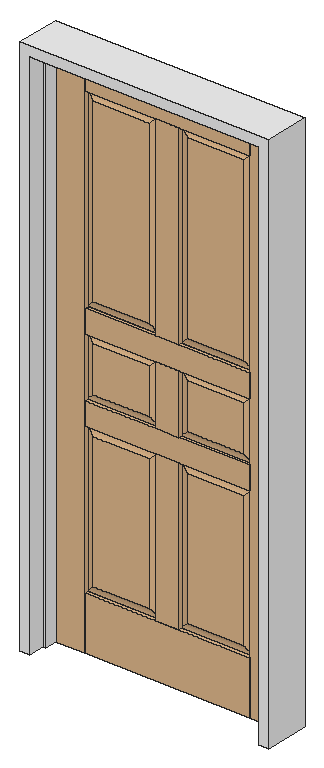
Revit family
Parameters (values of type "1 3/4" Raised Panel")
  URL = "http://www.karonadoor.com"
  Thickness Note = "Do not edit thickness."  # constant formula
  Thickness = 1.774"
  Swing Angle 2D = 90.00°
  SmartBIM Object Version = 1  # constant formula
  SmartBIM Object Created By = "Reed Construction Data"  # constant formula
  Rough Width = 0.000"
  Rough Height = 1.750"
  Panel = Panel_K5600_Karona : 1 3/4" - Raised Panel
  Model = "K5600 Square"  # constant formula
  Manufacturer = "Karona , Inc."  # constant formula
  Detail Door Thickness = 1.750"
  Assembly Code = ""
  Top Rail Height = 5.000"
  Top Rail = Wood, Cherry - Grain Horizontal
  Stile Width = 5.063"
  Stile = Wood, Cherry - Grain Vertical
  Sticking = Wood, Cherry - Grain Vertical
  Middle Rail = Wood, Cherry - Grain Horizontal
  Height = 84.000"
  Wall Closure = (empty or 0)
  Width = 36.000"
  Frame = Metal
  Bottom Rail Height = 8.500"
  Bottom Rail = Wood, Cherry - Grain Horizontal
  95 CSI = "08210"  # constant formula
  04 CSI = "08 14 33"  # constant formula
Types (9): name | Thickness | Rough Height | Panel | Detail Door Thickness
  1 3/4" Flat Panel | 1.774" | 1.750" | Panel_K5600_Karona : 1 3/4" - Flat Panel | 1.750"
  1 3/8" Flat Panel | 1.334" | 0.000" | Panel_K5600_Karona : 1 3/8" - Flat Panel | 1.375"
  2 1/4" Flat Panel | 2.250" | 0.000" | Panel_K5600_Karona : 2 1/4" - Flat Panel | 2.250"
  1 3/4" Glass Panel | 1.774" | 1.750" | Panel_K5600_Karona : 1 3/4" - Glass Panel | 1.750"
  1 3/8" Glass Panel | 1.334" | 0.000" | Panel_K5600_Karona : 1 3/8" - Glass Panel | 1.375"
  2 1/4" Glass Panel | 2.250" | 0.000" | Panel_K5600_Karona : 2 1/4" - Glass | 2.250"
  1 3/4" Raised Panel | 1.774" | 1.750" | Panel_K5600_Karona : 1 3/4" - Raised Panel | 1.750"
  1 3/8" Raised Panel | 1.334" | 0.000" | Panel_K5600_Karona : 1 3/8" - Raised Panel | 1.375"
  2 1/4" Raised Panel | 2.250" | 0.000" | Panel_K5600_Karona : 2 1/4" - Raised Panel | 2.250"
Reference planes (in)
  plane 1 "Center (Front/Back)": y = 0
  plane 2 "Center (Left/Right)": x = 0
  plane 3 "Left": x = -18
  plane 4 "Right": x = 18
  plane 5 "Top": z = 84
  plane 6 "Exterior Edge of Frame": y = 3.5
  plane 7 "Interior Edge of Frame": y = -3.5
  plane 8: y = 1
  plane 9: y = -1
  plane 10 "Opening Left": x = -19.5
  plane 11 "Opening Right": x = 19.5
  plane 12 "Top of Opening": z = 85.5
  plane 13: x = -17.5
Forms (in)
  Sweep 1, solid, material "Metal" <- "Frame"
    path origin (0, 0, 0) x (1, 0, 0) y (0, 0, 1)
      loop
        line (-19.5, 0) -> (-19.5, 85.5) -> (19.5, 85.5) -> (19.5, 0)
    profile origin (-19.5, 0, 42.75) x (-1, 0, 0) y (0, -1, 0)
      loop
        line (0, -3.5) -> (0, 3.5) -> (-1.5, 3.5) -> (-1.5, 1) -> (-2, 1) -> (-2, -1) -> (-1.5, -1) -> (-1.5, -3.5) -> (0, -3.5)
Lines and regions (in)
  Opening 1
    outline origin (-90, -3, 0) x (1, 0, 0) y (0, 0, 1)
      loop
        line (70.5, 0) -> (109.5, 0) -> (109.5, 85.5) -> (70.5, 85.5) -> (70.5, 0)
  symbolic lines, style "Elevation Swing"
    curve 1: line (18, 3, 0) -> (-18, 3, 42)
    curve 2: line (-18, 3, 42) -> (18, 3, 84)
Text (in)
  text "Exterior" at (-46.13199, 20.20143, 0), in view "Ref. Level"
  text "Interior" at (-46.13199, -10.56751, 0), in view "Ref. Level"
  text "Exterior" at (0, 40.15149, 123.01588), in view "Right"
  text "Interior" at (0, -64.39139, 123.01588), in view "Right"
  text "Interior" at (0, -31.01599, 123.00693), in view "Left"
  text "Exterior" at (0, 54.57065, 123.00693), in view "Left"
Dimensions and locks (in)
  "Height": level to plane 5 "Top"
  "Width": plane 3 "Left" to plane 4 "Right"
  equal spacing: host wall, curve 2, plane 5 "Top"
  locked: host wall to plane 7 "Interior Edge of Frame" at 0.5
  locked: plane 6 "Exterior Edge of Frame" to host wall at 0.5
  locked: plane 9 to plane 7 "Interior Edge of Frame" at 2.5
  locked: plane 6 "Exterior Edge of Frame" to plane 8 at 2.5
  equal spacing: plane 3 "Left", plane 2 "Center (Left/Right)", plane 4 "Right"
  locked: plane 4 "Right" to plane 11 "Opening Right" at 1.5
  locked: plane 5 "Top" to plane 12 "Top of Opening" at 1.5
  locked: plane 3 "Left" to plane 13 at 0.5
  locked: plane 10 "Opening Left" to plane 3 "Left" at 1.5
  aligned and locked: Opening 1 sketch curve to level
  aligned and locked: plane 4 "Right" to curve 1
  aligned and locked: plane 3 "Left" to curve 1
  aligned and locked: plane 5 "Top" to curve 2
  aligned and locked: Opening 1 sketch curve to plane 11 "Opening Right"
  aligned and locked: plane 12 "Top of Opening" to Opening 1 sketch curve
  aligned and locked: Opening 1 sketch curve to plane 10 "Opening Left"
  aligned and locked: plane 10 "Opening Left" to Sweep 1 sketch curve
  aligned and locked: plane 12 "Top of Opening" to Sweep 1 sketch curve
  aligned and locked: plane 11 "Opening Right" to Sweep 1 sketch curve
  aligned and locked: level to Sweep 1 sketch curve  (x2)
  aligned and locked: Sweep 1 sketch curve to plane 10 "Opening Left"
  aligned and locked: Sweep 1 sketch curve to plane 6 "Exterior Edge of Frame"
  aligned and locked: Sweep 1 sketch curve to plane 7 "Interior Edge of Frame"
  aligned and locked: Sweep 1 sketch curve to plane 8
  aligned and locked: Sweep 1 sketch curve to plane 9
  aligned and locked: plane 13 to Sweep 1 sketch curve
  aligned and locked: plane 3 "Left" to Sweep 1 sketch curve  (x2)
  aligned and locked: nested 1 to plane 2 "Center (Left/Right)"
  aligned and locked: nested 1 to plane 8
  aligned and locked: nested 2 to plane 3 "Left"
  aligned and locked: nested 2 to plane 8
Automatic sketch dimensions
  curve 1 to level = 0.000"
  curve 2 to plane 4 "Right" = 0.000"
Nested families (in)
  nested 1: "Panel_K5600_Karona" at (-13.5, 0.6575, 0) x (-1, 0, 0) z (0, 0, 1), type <- "Panel", type "1 3/4" - Raised Panel"
    with Panel Height 30.500", Height 84.000", Bottom Rail Height 8.500", Bottom Panel Height 23.375"
  nested 2: "Door Panel Plan View" at (-31.5, 1, 0) x (-1, 0, 0) z (0, 0, 1), type "Door Panel Plan View"
    with Thickness 1.750", Height 84.000"
Definition of nested family "Panel_K5600_Karona"
  Parameters (values of type "1 3/4" - Raised Panel")
    Width = 36.000"
    Top Rail Material = Wood, Cherry - Grain Horizontal
    Top Rail Height = 5.000"
    Top Panel Offset = 16.542"
    Thickness Note = "Do not change door thickness"  # constant formula
    Thickness = 1.774"
    Stile Width = 5.063"
    Stile Material = Wood, Cherry - Grain Vertical
    Sticking Material = Wood, Cherry - Grain Vertical
    Panel Width = (Width - ((2 * Stile Width) + Mullion Width)) / 2  # 11.1245"
    Panel Height = Height - (Top Rail Height + Mullion Width + Middle Panel Height + Bottom Height)  # 46.500"
    Panel = Glass-Sticking-Assembly-Square_Karona : Raised Panel
    Mullion Width = 3.625"  # constant formula
    Middle Panel Width = Width - (2 * Stile Width)  # 25.874"
    Middle Panel Height = 9.375"  # constant formula
    Interior Panel = Wood, Cherry - Grain Vertical
    Height = 100.000"
    Exterior Edge - Glass Bottom Offset = if(Thickness = 1.774", 0.567", if(Thickness = 2.250", 0.803", 0.469"))  # 0.567"
    Door Panel Material = Wood, Cherry - Grain Vertical
    Default Elevation = 0.000"  # constant formula
    Bottom Rail Material = Wood, Cherry - Grain Horizontal
    Bottom Rail Height = 15.000"
    Bottom Panel Height = Bottom Height - (Mullion Width + Bottom Rail Height)  # 16.875"
    Bottom Height = 35.500"
    Assembly Code = ""
  Types (9): name | Top Panel Offset | Thickness | Panel Height | Panel | Interior Panel | Height | Exterior Edge - Glass Bottom Offset | Bottom Rail Height | Bottom Panel Height
    2 1/4" - Flat Panel | 14.875" | 2.250" | 30.500" | Glass-Sticking-Assembly-Square_Karona : Flat Panel | Wood, Cherry - Grain Vertical | 84.000" | 0.803" | 8.500" | 23.375"
    2 1/4" - Glass | 14.875" | 2.250" | 30.500" | Glass-Sticking-Assembly-Square_Karona : Glass Panel | Glass | 84.000" | 0.803" | 8.500" | 23.375"
    2 1/4" - Raised Panel | 14.875" | 2.250" | 30.500" | Glass-Sticking-Assembly-Square_Karona : Raised Panel | Wood, Cherry - Grain Vertical | 84.000" | 0.803" | 8.500" | 23.375"
    1 3/4" - Raised Panel | 16.542" | 1.774" | 46.500" | Glass-Sticking-Assembly-Square_Karona : Raised Panel | Wood, Cherry - Grain Vertical | 100.000" | 0.567" | 15.000" | 16.875"
    1 3/4" - Flat Panel | 14.875" | 1.774" | 30.500" | Glass-Sticking-Assembly-Square_Karona : Flat Panel | Wood, Cherry - Grain Vertical | 84.000" | 0.567" | 8.500" | 23.375"
    1 3/4" - Glass Panel | 14.875" | 1.774" | 30.500" | Glass-Sticking-Assembly-Square_Karona : Glass Panel | Glass | 84.000" | 0.567" | 8.500" | 23.375"
    1 3/8" - Raised Panel | 14.875" | 1.334" | 30.500" | Glass-Sticking-Assembly-Square_Karona : Raised Panel | Wood, Cherry - Grain Vertical | 84.000" | 0.469" | 8.500" | 23.375"
    1 3/8" - Glass Panel | 14.875" | 1.334" | 30.500" | Glass-Sticking-Assembly-Square_Karona : Glass Panel | Glass | 84.000" | 0.469" | 8.500" | 23.375"
    1 3/8" - Flat Panel | 14.875" | 1.334" | 30.500" | Glass-Sticking-Assembly-Square_Karona : Flat Panel | Wood, Cherry - Grain Vertical | 84.000" | 0.469" | 8.500" | 23.375"
  Reference planes (in)
    plane 1 "Center (Front/Back)": y = 1.2295
    plane 2: z = 0
    plane 3 "Center (Left/Right)": x = -13.5
    plane 4 "Left": x = -31.5
    plane 5: x = 4.5
    plane 6 "Inner Left": x = -26.437
    plane 7 "Inner Right": x = -0.563
    plane 8 "Bottom Of Top Rail": z = 95
    plane 9 "Top": z = 100
    plane 10 "Interior Edge of Door": y = 2.1165
    plane 11: z = 95
    plane 12 "Exterior Edge of Door": y = 0.3425
    plane 13 "Bottom of Glass": y = 0.9095
    plane 14 "Left Panel Vertical Midline": x = -13.5
    plane 15: z = 48.5
    plane 16: z = 44.875
    plane 17: z = 35.5
    plane 18: z = 31.875
    plane 19: z = 15
    plane 20: z = 71.75
    plane 21: z = 23.4375
    plane 22: z = 40.1875
    plane 23: x = -20.87475
    plane 24: x = -6.12525
    plane 25: x = -15.3125
    plane 26: x = -11.6875
  Forms (in)
    Extrusion 1, solid, material "Wood, Cherry - Grain Horizontal" <- "Bottom Rail Material"
      sketch origin (0, -101.3125, 0) x (1, 0, 0) y (0, 0, 1)
        loop
          line (-26.437, 0) -> (-0.563, 0) -> (-0.563, 15) -> (-26.437, 15) -> (-26.437, 0)
      from -103.429 to -101.655
    Extrusion 2, solid, material "Wood, Cherry - Grain Vertical" <- "Stile Material"
      sketch origin (0, 1.2295, 0) x (1, 0, 0) y (0, 0, 1)
        loop
          line (-31.5, 100) -> (-31.5, 0) -> (-26.437, 0) -> (-26.437, 100) -> (-31.5, 100)
        loop
          line (-0.563, 0) -> (4.5, 0) -> (4.5, 100) -> (-0.563, 100) -> (-0.563, 0)
      from -0.887 to 0.887
    Extrusion 3, solid, material "Wood, Cherry - Grain Horizontal" <- "Top Rail Material"
      sketch origin (0, 1.2295, 0) x (1, 0, 0) y (0, 0, 1)
        loop
          line (-26.437, 100) -> (-26.437, 95) -> (-0.563, 95) -> (-0.563, 100) -> (-26.437, 100)
      from -0.887 to 0.887
    Extrusion 4, solid, material "Wood, Cherry - Grain Horizontal" <- "Top Rail Material"
      sketch origin (0, 1.2295, 0) x (1, 0, 0) y (0, 0, 1)
        loop
          line (-26.437, 31.875) -> (-0.563, 31.875) -> (-0.563, 35.5) -> (-26.437, 35.5) -> (-26.437, 31.875)
        loop
          line (-26.437, 48.5) -> (-26.437, 44.875) -> (-0.563, 44.875) -> (-0.563, 48.5) -> (-26.437, 48.5)
      from -0.887 to 0.887
    Extrusion 5, solid, material "Wood, Cherry - Grain Vertical" <- "Door Panel Material"
      sketch origin (0, 1.2295, 0) x (1, 0, 0) y (0, 0, 1)
        loop
          line (-15.3125, 95) -> (-15.3125, 48.5) -> (-11.6875, 48.5) -> (-11.6875, 95) -> (-15.3125, 95)
        loop
          line (-15.3125, 31.875) -> (-15.3125, 15) -> (-11.6875, 15) -> (-11.6875, 31.875) -> (-15.3125, 31.875)
        loop
          line (-15.3125, 35.5) -> (-11.6875, 35.5) -> (-11.6875, 44.875) -> (-15.3125, 44.875) -> (-15.3125, 35.5)
      from -0.887 to 0.887
  Text (in)
    text "EXTERIOR" at (-34.59289, -1.27941, 0), in view "Ref. Level"
    text "EXTERIOR" at (0, -9.65287, 72.76687), in view "Left"
    text "EXTERIOR" at (0, -33.33473, 96.68074), in view "Right"
  Dimensions and locks (in)
    equal spacing: plane 4 "Left", plane 3 "Center (Left/Right)", plane 5
    "Width": plane 4 "Left" to plane 5
    "Stile Width": plane 4 "Left" to plane 6 "Inner Left"
    "Stile Width": plane 5 to plane 7 "Inner Right"
    "Top Rail Height": plane 9 "Top" to plane 8 "Bottom Of Top Rail"
    "Height": plane 9 "Top" to plane 2
    equal spacing: plane 10 "Interior Edge of Door", plane 1 "Center (Front/Back)", plane 12 "Exterior Edge of Door"
    "Thickness": plane 10 "Interior Edge of Door" to plane 12 "Exterior Edge of Door"
    "Exterior Edge - Glass Bottom Offset": plane 13 "Bottom of Glass" to plane 12 "Exterior Edge of Door"
    "Exterior Edge - Glass Bottom Offset": plane 12 "Exterior Edge of Door" to plane 13 "Bottom of Glass"
    "Mullion Width": plane 15 to plane 16
    "Bottom Rail Height": plane 19 to level
    "Panel Height": plane 11 to plane 15
    equal spacing: plane 11, plane 20, plane 15
    equal spacing: plane 18, plane 21, plane 19
    "Mullion Width": plane 17 to plane 18
    equal spacing: plane 16, plane 22, plane 17
    "Mullion Width": plane 26 to plane 25
    equal spacing: plane 25, plane 23, plane 6 "Inner Left"
    equal spacing: plane 26, plane 24, plane 7 "Inner Right"
    equal spacing: plane 26, plane 3 "Center (Left/Right)", plane 25
    "Bottom Height": plane 17 to level
    aligned and locked: Extrusion 1 to plane 2
    aligned and locked: plane 10 "Interior Edge of Door" to Extrusion 1
    aligned and locked: plane 4 "Left" to Extrusion 2 sketch curve
    aligned and locked: Extrusion 2 sketch curve to plane 9 "Top"
    aligned and locked: Extrusion 2 sketch curve to Extrusion 1  (x3)
    aligned and locked: Extrusion 1 to Extrusion 2 sketch curve
    aligned and locked: plane 9 "Top" to Extrusion 2 sketch curve
    aligned and locked: plane 5 to Extrusion 2 sketch curve
    aligned and locked: plane 10 "Interior Edge of Door" to Extrusion 2
    aligned and locked: Extrusion 2 to Extrusion 3 sketch curve
    aligned and locked: Extrusion 3 sketch curve to Extrusion 2
    aligned and locked: plane 10 "Interior Edge of Door" to Extrusion 3
    aligned and locked: plane 11 to plane 8 "Bottom Of Top Rail"
    aligned and locked: level to plane 2
    aligned and locked: Extrusion 3 to plane 12 "Exterior Edge of Door"
    aligned and locked: Extrusion 3 to plane 10 "Interior Edge of Door"
    aligned and locked: Extrusion 2 to plane 12 "Exterior Edge of Door"
    aligned and locked: Extrusion 3 to plane 11
    aligned and locked: Extrusion 1 to Extrusion 2
    aligned and locked: nested 1 to plane 1 "Center (Front/Back)"
    aligned and locked: plane 20 to nested 2
    aligned and locked: Extrusion 4 sketch curve to plane 18
    aligned and locked: Extrusion 4 sketch curve to plane 6 "Inner Left"  (x2)
    aligned and locked: Extrusion 4 sketch curve to plane 7 "Inner Right"  (x2)
    aligned and locked: Extrusion 4 sketch curve to plane 17
    aligned and locked: Extrusion 4 sketch curve to plane 15
    aligned and locked: Extrusion 4 sketch curve to plane 16
    aligned and locked: plane 10 "Interior Edge of Door" to Extrusion 4
    aligned and locked: Extrusion 4 to plane 12 "Exterior Edge of Door"
    aligned and locked: plane 23 to nested 2
    aligned and locked: plane 23 to nested 1
    aligned and locked: nested 5 to plane 20
    aligned and locked: nested 4 to plane 21
    aligned and locked: plane 24 to nested 5
    aligned and locked: plane 24 to nested 4
    aligned and locked: plane 1 "Center (Front/Back)" to nested 4
    aligned and locked: plane 1 "Center (Front/Back)" to nested 5
    aligned and locked: Extrusion 5 sketch curve to plane 25  (x3)
    aligned and locked: Extrusion 5 sketch curve to plane 26
    aligned and locked: Extrusion 5 sketch curve to plane 15
    aligned and locked: Extrusion 5 sketch curve to plane 11
    aligned and locked: Extrusion 5 sketch curve to plane 18
    aligned and locked: Extrusion 5 sketch curve to plane 19
    aligned and locked: plane 26 to Extrusion 5 sketch curve  (x2)
    aligned and locked: plane 10 "Interior Edge of Door" to Extrusion 5
    aligned and locked: Extrusion 5 to plane 12 "Exterior Edge of Door"
    aligned and locked: plane 23 to nested 3
    aligned and locked: nested 6 to plane 22
    aligned and locked: plane 24 to nested 6
    aligned and locked: plane 1 "Center (Front/Back)" to nested 6
    aligned and locked: Extrusion 5 sketch curve to plane 17
    aligned and locked: Extrusion 5 sketch curve to plane 16
    aligned and locked: plane 22 to nested 3
    aligned and locked: plane 21 to nested 1
  Automatic sketch dimensions
    Extrusion 1 sketch curve to plane 6 "Inner Left" = 0.000"
    Extrusion 1 sketch curve to plane 7 "Inner Right" = 0.000"
    Extrusion 1 sketch curve to level = 0.000"
    Extrusion 1 sketch curve to plane 19 = 0.000"
    Extrusion 3 sketch curve to plane 7 "Inner Right" = 0.000"
    Extrusion 3 sketch curve to plane 8 "Bottom Of Top Rail" = 0.000"
  Nested families (in)
    nested 1: "Glass-Sticking-Assembly-Square_Karona" at (-21.3435, 1.38, 15), Width <- "Panel Width", Height <- "Bottom Panel Height", type <- "Panel", type "Raised Panel"
      with Width 11.1245", Height 16.875"
    nested 2: "Glass-Sticking-Assembly-Square_Karona" at (-21.3435, 1.382, 48.5), Width <- "Panel Width", Height <- "Panel Height", type <- "Panel", type "Raised Panel"
      with Width 11.1245", Height 46.500"
    nested 3: "Glass-Sticking-Assembly-Square_Karona" at (-21.3435, 1.38, 35.5), Width <- "Panel Width", Height <- "Middle Panel Height", type <- "Panel", type "Raised Panel"
      with Width 11.1245", Height 9.375"
    nested 4: "Glass-Sticking-Assembly-Square_Karona" at (-5.6565, 1.38, 15) x (-1, 0, 0) z (0, 0, 1), Width <- "Panel Width", Height <- "Bottom Panel Height", type <- "Panel", type "Raised Panel"
      with Width 11.1245", Height 16.875"
    nested 5: "Glass-Sticking-Assembly-Square_Karona" at (-5.6565, 1.38, 48.5) x (-1, 0, 0) z (0, 0, 1), Width <- "Panel Width", Height <- "Panel Height", type <- "Panel", type "Raised Panel"
      with Width 11.1245", Height 46.500"
    nested 6: "Glass-Sticking-Assembly-Square_Karona" at (-5.6565, 1.38, 35.5) x (-1, 0, 0) z (0, 0, 1), Width <- "Panel Width", Height <- "Middle Panel Height", type <- "Panel", type "Raised Panel"
      with Width 11.1245", Height 9.375"
  Definition of nested family "Glass-Sticking-Assembly-Square_Karona"
    Parameters (values of type "Glass Panel")
      Width [instance] = 19.000"
      Stop Adjustment = if(and(not(Glass Panel), Door Thickness = 1.774"), 0.513", if(and(not(Glass Panel), Door Thickness = 2.250"), 0.513", if((Glass Panel), 0.125", 0.273")))  # 0.125"
      Profile = Wood, Cherry - Grain Vertical
      Height [instance] = 23.000"
      Raised Panel = no
      Interior Panel = Wood, Cherry - Grain Vertical
      Glass Panel = yes
      Door Thickness = 1.774"
      C = if(Glass Panel, 0.125", if(Door Thickness = 1.774", 0.200", if(Door Thickness = 2.250", 0.439", 0.191")))  # 0.125"
      B = if(Door Thickness = 1.774", 0.567", if(Door Thickness = 2.250", 0.803", 0.469"))  # 0.567"
      Assembly Code = ""
      A = if(Door Thickness = 1.774", 0.197", if(Door Thickness = 2.250", 0.433", 0.194"))  # 0.197"
    Types (3): name | Width | Stop Adjustment | Raised Panel | Glass Panel | C
      Glass Panel | 19.000" | 0.125" | no | yes | 0.125"
      Flat Panel | 4.500" | 0.513" | no | no | 0.200"
      Raised Panel | 4.000" | 0.513" | yes | no | 0.200"
    Reference planes (in)
      plane 1 "Stop Adjustment Edge": y = -0.3455
      plane 2: z = 0
      plane 3 "Center (Left/Right)": x = 0.46875
      plane 4 "Back": y = 0.7365
      plane 5 "Front": y = -1.0375
      plane 6 "Left": x = -9.03125
      plane 7 "Right": x = 9.96875
      plane 8 "Top": z = 23
      plane 9 "Center (Up/Down)": z = 11.5
      plane 10 "Bottom of Stop": y = -0.2205
      plane 11 "Bottom of Glass": y = -0.4705
      plane 12 "Right Edge of Glass": x = 10.35675
      plane 13 "Left Edge of Glass": x = -9.41925
      plane 14 "Top Edge of Glass": z = 23.34425
      plane 15 "Bottom Edge of Glass": z = -0.34425
      plane 16 "A": y = -0.8405
      plane 17 "C": y = 0.6115
      plane 18: z = 0.438
      plane 19: z = 22.562
      plane 20: x = -8.59325
      plane 21: x = 9.53075
      plane 22 "Center (Front/Back)": y = -0.1505
      plane 23: x = -9.46925
      plane 24: x = 10.40675
      plane 25: z = 23.438
      plane 26: z = -0.438
    Forms (in)
      Extrusion 1, solid, material "Wood, Cherry - Grain Vertical" <- "Interior Panel"
        sketch origin (0, 0, 0) x (1, 0, 0) y (0, 1, 0)
          loop
            line (-9.41925, -0.2205) -> (-9.41925, -0.4705) -> (10.35675, -0.4705) -> (10.35675, -0.2205) -> (-9.41925, -0.2205)
        from -0.34425 to 23.34425
      Extrusion 2, solid, material "Wood, Cherry - Grain Vertical" <- "Profile", visible <- "Raised Panel"
        sketch origin (0, 0, 0) x (1, 0, 0) y (0, 1, 0)
          loop
            line (9.96875, 0.6115) -> (-9.03125, 0.6115) -> (-9.03125, -0.2205) -> (9.96875, -0.2205) -> (9.96875, 0.6115)
          loop
            line (-9.03125, -0.4705) -> (-9.03125, -0.8405) -> (9.96875, -0.8405) -> (9.96875, -0.4705) -> (-9.03125, -0.4705)
        from 0 to 23
      Sweep 3, void
        path origin (0, -0.2205, 0) x (-1, 0, 0) y (0, 0, 1)
          loop
            line (9.46925, -0.438) -> (9.46925, 23.438) -> (-10.40675, 23.438) -> (-10.40675, -0.438) -> (9.46925, -0.438)
        profile "Profile : 05" origin (-9.46925, -0.2205, 11.5) x (1, 0, 0) y (0, 1, 0)
          loop
            line (0, 0.05) -> (0.36169, 0.05096)
            arc (0.36169, 0.05096) -> (1.01257, 0.13642) -> (1.61934, 0.387) r 2.52143
            line (1.61934, 0.387) -> (0, 0.387) -> (0, 0.05)
      Sweep 4, void
        path origin (0, -0.4705, 0) x (-1, 0, 0) y (0, 0, 1)
          loop
            line (-10.40675, 23.438) -> (-10.40675, -0.438) -> (9.46925, -0.438) -> (9.46925, 23.438) -> (-10.40675, 23.438)
        profile "Profile : 05" origin (10.40675, -0.4705, 11.5) x (-1, 0, 0) y (0, 1, 0)
          loop
            line (0, -0.05) -> (0, -0.387) -> (1.61934, -0.387)
            arc (1.61934, -0.387) -> (1.01257, -0.13642) -> (0.36169, -0.05096) r 2.52143
            line (0.36169, -0.05096) -> (0, -0.05)
    Cuts and joins
      Sweep 3, Sweep 4 cuts Extrusion 2
    Text (in)
      text "INTERIOR" at (-14.3788, 3.49864, 0), in view "Ref. Level"
    Dimensions and locks (in)
      equal spacing: plane 6 "Left", plane 3 "Center (Left/Right)", plane 7 "Right"
      "Width": plane 6 "Left" to plane 7 "Right"
      "Door Thickness": plane 4 "Back" to plane 5 "Front"
      "Height": plane 8 "Top" to plane 2
      equal spacing: plane 8 "Top", plane 9 "Center (Up/Down)", level
      locked: plane 1 "Stop Adjustment Edge" to plane 11 "Bottom of Glass" at 0.125
      "Stop Adjustment": plane 10 "Bottom of Stop" to plane 1 "Stop Adjustment Edge"
      locked: plane 7 "Right" to plane 12 "Right Edge of Glass" at 0.388
      locked: plane 14 "Top Edge of Glass" to plane 8 "Top" at 0.34425
      locked: level to plane 15 "Bottom Edge of Glass" at 0.34425
      locked: plane 13 "Left Edge of Glass" to plane 6 "Left" at 0.388
      "B": plane 5 "Front" to plane 11 "Bottom of Glass"
      "A": plane 5 "Front" to plane 16 "A"
      "C": plane 17 "C" to plane 4 "Back"
      locked: plane 18 to level at 0.438
      locked: plane 8 "Top" to plane 19 at 0.438
      locked: plane 6 "Left" to plane 20 at 0.438
      locked: plane 21 to plane 7 "Right" at 0.438
      equal spacing: plane 4 "Back", plane 22 "Center (Front/Back)", plane 5 "Front"
      locked: plane 23 to plane 13 "Left Edge of Glass" at 0.05
      locked: plane 12 "Right Edge of Glass" to plane 24 at 0.05
      locked: plane 25 to plane 14 "Top Edge of Glass" at 0.09375
      locked: plane 15 "Bottom Edge of Glass" to plane 26 at 0.09375
      aligned and locked: Extrusion 1 sketch curve to plane 13 "Left Edge of Glass"
      aligned and locked: Extrusion 1 sketch curve to plane 10 "Bottom of Stop"
      aligned and locked: Extrusion 1 sketch curve to plane 11 "Bottom of Glass"
      aligned and locked: Extrusion 1 sketch curve to plane 12 "Right Edge of Glass"
      aligned and locked: plane 14 "Top Edge of Glass" to Extrusion 1
      aligned and locked: Extrusion 1 to plane 15 "Bottom Edge of Glass"
      aligned and locked: Extrusion 2 sketch curve to plane 17 "C"
      aligned and locked: Extrusion 2 sketch curve to plane 10 "Bottom of Stop"
      aligned and locked: Extrusion 2 sketch curve to plane 11 "Bottom of Glass"
      aligned and locked: Extrusion 2 sketch curve to plane 16 "A"
      aligned and locked: plane 25 to Sweep 4 sketch curve
      aligned and locked: Sweep 4 sketch curve to plane 23
      aligned and locked: plane 24 to Sweep 4 sketch curve
      aligned and locked: Sweep 4 sketch curve to plane 26
      aligned and locked: plane 25 to Sweep 3 sketch curve
      aligned and locked: plane 24 to Sweep 3 sketch curve
      aligned and locked: Sweep 3 sketch curve to plane 23
      aligned and locked: Sweep 3 sketch curve to plane 26
      aligned and locked: plane 6 "Left" to Extrusion 2 sketch curve  (x2)
      aligned and locked: plane 7 "Right" to Extrusion 2 sketch curve  (x2)
      aligned and locked: plane 8 "Top" to Extrusion 2
      aligned and locked: Extrusion 2 to level
Definition of nested family "Door Panel Plan View"
  Parameters (values of type "Door Panel Plan View")
    Width = 36.000"
    Thickness = 2.000"
    Swing Angle 2D = 90.00°
    Height = 0.000"
    Assembly Code = ""
  Reference planes (in)
    plane 1 "Center (Front/Back)": y = 0
    plane 2: z = 0
    plane 3 "Center (Left/Right)": x = -13.5
  Lines and regions (in)
    symbolic lines, style "DoorsPanelProjection"
      curve 1: line (-13.5, 0, 0) -> (-13.5, 36, 0)
      curve 2: line (-15.5, 0, 0) -> (-15.5, 36, 0)
      curve 3: line (-13.5, 0, 0) -> (-15.5, 0, 0)
      curve 4: line (-13.5, 36, 0) -> (-15.5, 36, 0)
    symbolic lines, style "Plan Swing"
      curve 5: arc (-13.5, 36, 0) -> (-38.95584, 25.45584, 0) -> (-49.5, 0, 0) r 36
  Dimensions and locks (in)
    "Width": curve 4 to curve 3
    "Thickness": curve 1 to curve 2
    "Swing Angle 2D": angle curve 1 to plane 1 "Center (Front/Back)"
    aligned and locked: plane 1 "Center (Front/Back)" to curve 5
  Automatic sketch dimensions
    curve 3 to plane 1 "Center (Front/Back)" = 0.000"
    curve 5 to plane 3 "Center (Left/Right)" = 0.000"
    curve 3 to plane 3 "Center (Left/Right)" = 0.000"
